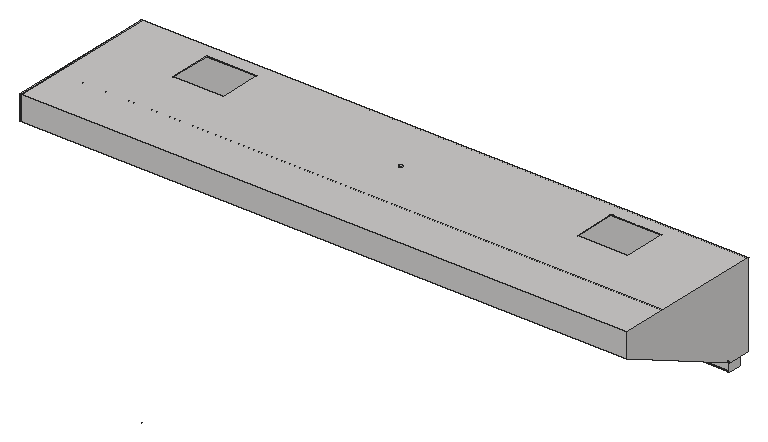
Revit family "QF_ELECTROLUXPROFESSIONAL_644189_AMPV936BT", category Attrezzature speciali, Revit 2021
Family settings
  Quota connettore circolare = Usa diametro
  Tipo di parte = Normale
  Basato su piano di lavoro = No
  Sempre verticale = Sì
  Taglio con vuoti quando caricato = No
  Condiviso = No
  Punto di calcolo locali = No
Parameters (values of type "Standard")
  Weight = 107.00 kg
  Watts = 840 W
  Volts = 220 V
  URL Manufacturer = "https://www.electroluxprofessional.com/"
  URL = "https://www.electroluxprofessional.com/"
  Steam Supply Size = 0 mm
  Steam Supply Minimum Pressure = 0.0 Pa
  Steam Supply Maximum Pressure = 0.0 Pa
  Steam Consumption per Hour = 0
  Refrigeration Suction Line Size = 0 mm
  Refrigeration Liquid Line Size = 0 mm
  Refrigerant Compressor Remote = yes
  Prospetto di default = 0 mm
  Produttore = "Electrolux Professional"
  Phase = 1
  Modello = "AMPV936BT"
  Length Actual = 3600 mm  # constant formula
  Item Number = "644189"
  Hot Water Size = 0 mm
  Height Actual = 500 mm  # constant formula
  HP = "1.1 HP"
  Gas Size = 0 mm
  Gas KW = 0
  Gas Input Pressure = 0 W
  Direct Waste Size = 0 mm
  Descrizione = "430 S/S WALL HOOD+FILTERS+FAN 3600X900MM"
  Depth Actual = 900 mm  # constant formula
  Cycle = 50 Hz
  Condensate Return Size = 0 mm
  Compressed Air Volume = 0.0 L/s
  Compressed Air Size = 0 mm
  Compressed Air Pressure = 0.0 Pa
  Cold Water Size = 0 mm
  Accessory = yes
Reference planes
  plane 1: z = 0
  plane 2 "Center (Left/Right)": x = 150
  plane 3 "LEFT": x = -1650
  plane 4 "RIGHT": x = 1950
  plane 5 "BACK": y = 550
  plane 6 "Plane": z = 2000
  plane 7 "TOP": z = 2140
  plane 8 "Base": z = 1640
  plane 9: z = 1566
  plane 10 "DrainY": y = 485
  plane 11: x = -1647
  plane 12: through (0, 414.509, 1640.8) normal (0, 0.7314, 0.682)
  plane 13: y = 470
  plane 14: y = 220
  plane 15 "DrainX": x = 1830
  plane 16: x = -900
  plane 17: x = 1200
  plane 18: x = -1200
  plane 19: x = 1500
  plane 20: x = 1947
  plane 21: x = 1740
  plane 22: x = 1920
  plane 23: x = -1610
  plane 24: x = -1245
  plane 25: x = -850
  plane 26: x = 1910
  plane 27: x = 1545
  plane 28: x = 1150
  plane 29: x = -47.5
  plane 30: x = 347.5
  plane 31: y = 100
  plane 32: y = -350
Forms (mm)
  Extrusion 1, solid, material "QF_Finishes_Stainless Steel"
    sketch origin (-1650, 0, 0) x (0, 1, 0) y (0, 0, 1)
      loop
        line (550, 1640) -> (550, 2140) -> (-350, 2140) -> (-350, 1999.112) -> (413.973, 1640) -> (550, 1640)
    from 0 to 3
  Extrusion 2, solid, material "QF_Finishes_Stainless Steel"
    sketch origin (150, 0, 0) x (0, 1, 0) y (0, 0, 1)
      loop
        line (415.255, 1640) -> (550, 1640) -> (550, 2139.19) -> (549.2, 2139.19) -> (549.2, 1640.8) -> (415.876, 1640.8) -> (339.347, 1722.867) -> (349.609, 1732.436) -> (348.927, 1733.167) -> (337.934, 1722.917) -> (415.255, 1640)
      loop
        line (-82.203, 2139.19) -> (-82.203, 2118.6) -> (-31.047, 2118.6) -> (34.354, 2048.466) -> (46.028, 2059.352) -> (45.346, 2060.083) -> (34.403, 2049.879) -> (-30.612, 2119.6) -> (-81.203, 2119.6) -> (-81.203, 2139.19) -> (-82.203, 2139.19)
    from -1797 to 1797
  Extrusion 3, solid, material "QF_Finishes_Stainless Steel"
    sketch origin (1950, 0, 0) x (0, 1, 0) y (0, 0, 1)
      loop
        line (550, 1640) -> (550, 2140) -> (-350, 2140) -> (-350, 1999.112) -> (413.973, 1640) -> (550, 1640)
    from 0 to -3
  Extrusion 4, solid, material "QF_Finishes_Stainless Steel"
    sketch origin (150, 0, 0) x (0, 1, 0) y (0, 0, 1)
      loop
        line (-350, 2140) -> (-350, 2000) -> (-349.2, 2000) -> (-349.2, 2139.19) -> (550, 2139.19) -> (550, 2140) -> (-350, 2140)
    from -1800 to 1800
  Extrusion 5, solid, material "QF_Finishes_Stainless Steel"
    sketch origin (150, 0, 0) x (0, 1, 0) y (0, 0, 1)
      loop
        line (534, 1640) -> (436, 1640) -> (436, 1627) -> (443.5, 1627) -> (443.5, 1576)
        arc (443.5, 1576) -> (446.429, 1568.929) -> (453.5, 1566) r 10
        line (453.5, 1566) -> (516.5, 1566)
        arc (516.5, 1566) -> (523.571, 1568.929) -> (526.5, 1576) r 10
        line (526.5, 1576) -> (526.5, 1627) -> (534, 1627) -> (534, 1640)
    from 1590 to 1770
  Extrusion 6, solid, material "QF_Finishes_Stainless Steel"
    sketch origin (0, 0, 1640) x (0, 1, 0) y (-1, 0, 0)
      loop
        circle (485, -1830) r 20
    from -76 to -74
  Extrusion 7, solid, material "QF_Finished_Chrome"
    sketch origin (150, 0, 0) x (0, 1, 0) y (0, 0, 1)
      loop
        line (337.934, 1722.917) -> (341.591, 1726.327) -> (38.011, 2051.876) -> (34.354, 2048.466) -> (337.934, 1722.917)
    from -1395 to -1760
  Extrusion 8, solid, material "QF_Finished_Chrome"
    sketch origin (150, 0, 0) x (0, 1, 0) y (0, 0, 1)
      loop
        line (337.934, 1722.917) -> (341.591, 1726.327) -> (38.011, 2051.876) -> (34.354, 2048.466) -> (337.934, 1722.917)
    from -197.5 to -1000
  Extrusion 9, solid, material "QF_Finishes_Stainless Steel"
    sketch origin (150, 0, 0) x (0, 1, 0) y (0, 0, 1)
      loop
        line (337.934, 1722.917) -> (341.591, 1726.327) -> (38.011, 2051.876) -> (34.354, 2048.466) -> (337.934, 1722.917)
    from 1797 to 1760
  Extrusion 10, solid, material "QF_Finishes_Stainless Steel"
    sketch origin (150, 0, 0) x (0, 1, 0) y (0, 0, 1)
      loop
        line (341.588, 1726.324) -> (38.009, 2051.874) -> (34.354, 2048.466) -> (337.934, 1722.917) -> (341.588, 1726.324)
    from -1395 to -1000
  Extrusion 11, solid, material "QF_Finished_Chrome"
    sketch origin (150, 0, 0) x (0, 1, 0) y (0, 0, 1)
      loop
        line (341.588, 1726.324) -> (38.009, 2051.874) -> (34.354, 2048.466) -> (337.934, 1722.917) -> (341.588, 1726.324)
    from 1395 to 1760
  Extrusion 12, void
    sketch origin (0, 0, 2140) x (0, 1, 0) y (-1, 0, 0)
      loop
        line (470, 1200) -> (220, 1200) -> (220, 900) -> (470, 900) -> (470, 1200)
    from 0 to -10
  Extrusion 13, void
    sketch origin (940, 0, 2140) x (0, 1, 0) y (-1, 0, 0)
      loop
        line (470, -260) -> (220, -260) -> (220, -560) -> (470, -560) -> (470, -260)
    from 0 to -10
  Extrusion 14, solid, material "QF_Finishes_Stainless Steel"
    sketch origin (0, 0, 0) x (1, 0, 0) y (0, 1, 0)
      loop
        line (-1650, 550) -> (-1650, 549) -> (-1649, 549) -> (-1649, 550) -> (-1650, 550)
    from 0 to 1
  Extrusion 15, solid, material "QF_Finishes_Stainless Steel"
    sketch origin (150, 0, 0) x (0, 1, 0) y (0, 0, 1)
      loop
        line (337.934, 1722.917) -> (341.591, 1726.327) -> (38.011, 2051.876) -> (34.354, 2048.466) -> (337.934, 1722.917)
    from -1760 to -1797
  Extrusion 16, solid, material "QF_Finishes_Stainless Steel"
    sketch origin (150, 0, 0) x (0, 1, 0) y (0, 0, -1)
      loop
        line (341.588, -1726.324) -> (337.934, -1722.917) -> (34.354, -2048.466) -> (38.009, -2051.874) -> (341.588, -1726.324)
    from -1395 to -1000
  Extrusion 17, solid, material "QF_Finished_Chrome"
    sketch origin (150, 0, 0) x (0, 1, 0) y (0, 0, 1)
      loop
        line (337.934, 1722.917) -> (341.591, 1726.327) -> (38.011, 2051.876) -> (34.354, 2048.466) -> (337.934, 1722.917)
    from 1000 to 197.5
  Extrusion 18, solid, material "QF_Finishes_Stainless Steel"
    sketch origin (150, 0, 0) x (0, 1, 0) y (0, 0, -1)
      loop
        line (341.588, -1726.324) -> (337.934, -1722.917) -> (34.354, -2048.466) -> (38.009, -2051.874) -> (341.588, -1726.324)
    from -197.5 to 197.5
  Extrusion 19, solid, material "QF_Finishes_Stainless Steel"
    sketch origin (0, 0, 2140) x (0, 1, 0) y (-1, 0, 0)
      loop
        circle (220, -150) r 10
    from 0 to 1.6
Cuts and joins
  Extrusion 12, Extrusion 13 cuts Extrusion 4
  joined: Extrusion 2, Extrusion 4
Lines and regions (mm)
  reference lines
    curve 1: line (150, 34.354, 2048.466) -> (150, 34.354, 1888.466)
  symbolic lines, style "SpecialityEquipment", detail levels coarse
    curve 2: line (1950, 550, 2140) -> (-1650, 550, 2140)
    curve 3: line (-1650, 550, 2140) -> (-1650, -350, 2140)
    curve 4: line (1950, -350, 2140) -> (1950, 550, 2140)
    curve 5: line (-1650, -350, 2140) -> (1950, -350, 2140)
    curve 6: line (-1200, 220, 2140) -> (-900, 220, 2140)
    curve 7: line (-1200, 470, 2140) -> (-1200, 220, 2140)
    curve 8: line (-900, 470, 2140) -> (-1200, 470, 2140)
    curve 9: line (-900, 220, 2140) -> (-900, 470, 2140)
    curve 10: line (1200, 470, 2140) -> (1200, 220, 2140)
    curve 11: line (1200, 220, 2140) -> (1500, 220, 2140)
    curve 12: line (1500, 470, 2140) -> (1200, 470, 2140)
    curve 13: line (1500, 220, 2140) -> (1500, 470, 2140)
  symbolic lines, detail levels coarse
    curve 14: line (-1650, -350, 0) -> (1950, 550, 0)
    curve 15: line (-1650, 550, 0) -> (1950, -350, 0)
Dimensions and locks
  plane 3 "LEFT" to plane 4 "RIGHT" = 3600 mm
  equal spacing: plane 3 "LEFT", plane 2 "Center (Left/Right)", plane 4 "RIGHT"
  locked: plane 6 "Plane" to level at 2000
  plane 7 "TOP" to plane 6 "Plane" = 140 mm
  locked: plane 7 "TOP" to plane 8 "Base" at 500
  plane 8 "Base" to plane 9 = 74 mm
  plane 5 "BACK" to plane 10 "DrainY" = 65 mm  (x2)
  plane 3 "LEFT" to plane 11 = 3 mm
  plane 5 "BACK" to plane 13 = 80 mm
  plane 13 to plane 14 = 250 mm  (x2)
  plane 15 "DrainX" to plane 4 "RIGHT" = 120 mm
  locked: plane 16 to plane 17 at 2100
  equal spacing: plane 16, plane 2 "Center (Left/Right)", plane 17
  plane 18 to plane 16 = 300 mm
  plane 17 to plane 19 = 300 mm
  plane 20 to plane 4 "RIGHT" = 3 mm
  locked: plane 21 to plane 15 "DrainX" at 90
  locked: plane 15 "DrainX" to plane 22 at 90
  plane 13 to plane 5 "BACK" = 80 mm
  locked: plane 3 "LEFT" to plane 23 at 40
  locked: plane 23 to plane 24 at 365
  locked: plane 24 to plane 25 at 395
  locked: plane 26 to plane 27 at 365
  locked: plane 27 to plane 28 at 395
  locked: plane 26 to plane 4 "RIGHT" at 40
  locked: plane 29 to plane 30 at 395
  equal spacing: plane 29, plane 2 "Center (Left/Right)", plane 30
  plane 25 to plane 29 = 802.5 mm
  plane 30 to plane 28 = 802.5 mm
  plane 5 "BACK" to plane 32 = 900 mm  (x2)
  equal spacing: plane 5 "BACK", plane 31, plane 32
  aligned and locked: level to plane 1
  aligned and locked: Extrusion 2 to Extrusion 1
  aligned and locked: Extrusion 2 to Extrusion 3
  aligned and locked: plane 4 "RIGHT" to Extrusion 4
  aligned and locked: Extrusion 4 to plane 3 "LEFT"
  aligned and locked: plane 20 to Extrusion 9
  aligned and locked: plane 18 to Extrusion 12
  aligned and locked: Extrusion 12 to plane 16
  aligned and locked: Extrusion 12 to plane 14
  aligned and locked: Extrusion 12 to plane 13
  aligned and locked: Extrusion 13 to plane 19
  aligned and locked: plane 17 to Extrusion 13
  aligned and locked: Extrusion 2 to Extrusion 4
  aligned and locked: plane 22 to Extrusion 5
  aligned and locked: Extrusion 5 to plane 21
  aligned and locked: Extrusion 9 to plane 26
  aligned and locked: Extrusion 11 to plane 26
  aligned and locked: Extrusion 11 to plane 27
  aligned and locked: Extrusion 8 to plane 25
  aligned and locked: plane 25 to Extrusion 10
  aligned and locked: Extrusion 10 to plane 24
  aligned and locked: plane 24 to Extrusion 7
  aligned and locked: Extrusion 7 to plane 23
  aligned and locked: Extrusion 15 to plane 11
  aligned and locked: plane 23 to Extrusion 15
  aligned and locked: Extrusion 16 to plane 28
  aligned and locked: Extrusion 16 to plane 27
  aligned and locked: Extrusion 3 to plane 20
  aligned and locked: plane 29 to Extrusion 8
  aligned and locked: Extrusion 17 to plane 28
  aligned and locked: Extrusion 17 to plane 30
  aligned and locked: plane 30 to Extrusion 18
  aligned and locked: Extrusion 18 to plane 29
Automatic sketch dimensions
  curve 5 to plane 3 "LEFT" = 0 mm
  curve 9 to plane 14 = 0 mm
  curve 10 to plane 14 = 0 mm
  plane 13 to curve 8 = 0 mm
  plane 13 to curve 12 = 0 mm
  curve 3 to plane 5 "BACK" = 0 mm
  curve 5 to plane 4 "RIGHT" = 0 mm
  curve 11 to plane 19 = 0 mm
  curve 10 to plane 17 = 0 mm
  curve 6 to plane 16 = 0 mm
  curve 6 to plane 18 = 0 mm
  Extrusion 2 sketch curve to plane 12 = 0 mm  (x3)
  Extrusion 2 sketch curve to plane 8 "Base" = 0 mm
  plane 12 to Extrusion 2 sketch curve = 0 mm
  Extrusion 2 sketch curve to plane 5 "BACK" = 0 mm
  Extrusion 2 sketch curve to Extrusion 2 sketch curve = 65.646 mm
  Extrusion 2 sketch curve to Extrusion 2 sketch curve = 0.682 mm  (x2)
  Extrusion 2 sketch curve to Extrusion 2 sketch curve = 10.261 mm
  plane 8 "Base" to Extrusion 2 sketch curve = 82.917 mm
  Extrusion 2 sketch curve to Extrusion 2 sketch curve = 10.942 mm
  Extrusion 2 sketch curve to Extrusion 2 sketch curve = 0.049 mm
  Extrusion 2 sketch curve to plane 7 "TOP" = 20.4 mm
  Extrusion 2 sketch curve to plane 7 "TOP" = 21.4 mm
  Extrusion 2 sketch curve to plane 7 "TOP" = 0.81 mm  (x2)
  Extrusion 2 sketch curve to Extrusion 2 sketch curve = 50.156 mm
  Extrusion 2 sketch curve to Extrusion 2 sketch curve = 1 mm
  plane 8 "Base" to Extrusion 2 sketch curve = 0.8 mm
  Extrusion 2 sketch curve to plane 5 "BACK" = 0.8 mm
  Extrusion 3 sketch curve to plane 8 "Base" = 0 mm
  Extrusion 3 sketch curve to plane 5 "BACK" = 0 mm
  Extrusion 3 sketch curve to plane 7 "TOP" = 0 mm
  plane 13 to Extrusion 3 sketch curve = 56.027 mm
  Extrusion 4 sketch curve to plane 6 "Plane" = 0 mm
  Extrusion 4 sketch curve to plane 5 "BACK" = 0 mm
  Extrusion 4 sketch curve to plane 7 "TOP" = 0 mm
  Extrusion 4 sketch curve to plane 7 "TOP" = 0.81 mm
  curve 1 to plane 12 = 0 mm
  curve 1 to plane 6 "Plane" = 111.534 mm
  Extrusion 5 sketch curve to plane 8 "Base" = 0 mm
  Extrusion 5 sketch curve to plane 9 = 0 mm
  Extrusion 5 sketch curve to plane 8 "Base" = 13 mm  (x2)
  plane 13 to Extrusion 5 sketch curve = 34 mm
  Extrusion 5 sketch curve to Extrusion 5 sketch curve = 7.5 mm  (x2)
  Extrusion 5 sketch curve to Extrusion 5 sketch curve = 10 mm
  plane 10 "DrainY" to Extrusion 5 sketch curve = 31.5 mm
  Extrusion 5 sketch curve to plane 5 "BACK" = 23.5 mm
  Extrusion 6 sketch curve to plane 10 "DrainY" = 0 mm
  Extrusion 6 sketch curve to plane 15 "DrainX" = 0 mm
  Extrusion 7 sketch curve to plane 12 = 0 mm  (x2)
  Extrusion 7 sketch curve to Extrusion 7 sketch curve = 3.657 mm
  plane 8 "Base" to Extrusion 7 sketch curve = 82.917 mm
  Extrusion 8 sketch curve to plane 12 = 0 mm  (x2)
  Extrusion 8 sketch curve to Extrusion 8 sketch curve = 3.657 mm
  plane 8 "Base" to Extrusion 8 sketch curve = 82.917 mm
  Extrusion 9 sketch curve to plane 12 = 0 mm  (x2)
  Extrusion 9 sketch curve to Extrusion 9 sketch curve = 3.657 mm
  plane 8 "Base" to Extrusion 9 sketch curve = 82.917 mm
  Extrusion 10 sketch curve to plane 12 = 0 mm  (x2)
  Extrusion 10 sketch curve to Extrusion 10 sketch curve = 3.655 mm
  plane 8 "Base" to Extrusion 10 sketch curve = 82.917 mm
  Extrusion 11 sketch curve to plane 12 = 0 mm  (x2)
  Extrusion 11 sketch curve to Extrusion 11 sketch curve = 3.655 mm
  plane 8 "Base" to Extrusion 11 sketch curve = 82.917 mm
  Extrusion 12 sketch curve to plane 14 = 0 mm
  plane 13 to Extrusion 12 sketch curve = 0 mm
  Extrusion 12 sketch curve to plane 16 = 0 mm
  Extrusion 12 sketch curve to plane 18 = 0 mm
  Extrusion 13 sketch curve to plane 14 = 0 mm
  plane 13 to Extrusion 13 sketch curve = 0 mm
  Extrusion 13 sketch curve to plane 19 = 0 mm
  Extrusion 13 sketch curve to plane 17 = 0 mm
  Extrusion 14 sketch curve to plane 3 "LEFT" = 0 mm
  Extrusion 14 sketch curve to plane 5 "BACK" = 0 mm
  plane 3 "LEFT" to Extrusion 14 sketch curve = 1 mm
  Extrusion 14 sketch curve to Extrusion 14 sketch curve = 1 mm
  Extrusion 15 sketch curve to plane 12 = 0 mm  (x2)
  Extrusion 15 sketch curve to Extrusion 15 sketch curve = 3.657 mm
  plane 8 "Base" to Extrusion 15 sketch curve = 82.917 mm
  Extrusion 16 sketch curve to plane 12 = 0 mm  (x2)
  Extrusion 16 sketch curve to Extrusion 16 sketch curve = 3.655 mm
  plane 8 "Base" to Extrusion 16 sketch curve = 82.917 mm
  Extrusion 17 sketch curve to plane 12 = 0 mm  (x2)
  Extrusion 17 sketch curve to Extrusion 17 sketch curve = 3.657 mm
  plane 8 "Base" to Extrusion 17 sketch curve = 82.917 mm
  Extrusion 18 sketch curve to plane 12 = 0 mm  (x2)
  Extrusion 18 sketch curve to Extrusion 18 sketch curve = 3.655 mm
  plane 8 "Base" to Extrusion 18 sketch curve = 82.917 mm
  Extrusion 4 sketch curve to Extrusion 4 sketch curve = 0.8 mm
  curve 5 to plane 14 = 570 mm
  plane 6 "Plane" to Extrusion 2 sketch curve = 48.466 mm
  Extrusion 4 sketch curve to plane 14 = 569.2 mm
  curve 1 to plane 14 = 185.646 mm
  plane 6 "Plane" to Extrusion 7 sketch curve = 51.876 mm
  plane 6 "Plane" to Extrusion 8 sketch curve = 51.876 mm
  plane 6 "Plane" to Extrusion 9 sketch curve = 51.876 mm
  plane 6 "Plane" to Extrusion 10 sketch curve = 51.874 mm
  plane 6 "Plane" to Extrusion 11 sketch curve = 51.874 mm
  plane 6 "Plane" to Extrusion 15 sketch curve = 51.876 mm
  plane 6 "Plane" to Extrusion 16 sketch curve = 51.874 mm
  plane 6 "Plane" to Extrusion 17 sketch curve = 51.876 mm
  plane 6 "Plane" to Extrusion 18 sketch curve = 51.874 mm
  Extrusion 1 sketch curve to plane 32 = 0 mm
  Extrusion 1 sketch curve to plane 8 "Base" = 0 mm
  Extrusion 1 sketch curve to plane 5 "BACK" = 0 mm
  Extrusion 1 sketch curve to plane 7 "TOP" = 0 mm
  plane 13 to Extrusion 1 sketch curve = 56.027 mm
  Extrusion 1 sketch curve to plane 6 "Plane" = 0.888 mm
  Extrusion 3 sketch curve to plane 32 = 0 mm
  Extrusion 3 sketch curve to plane 6 "Plane" = 0.888 mm
  curve 15 to plane 3 "LEFT" = 0 mm
  curve 14 to plane 3 "LEFT" = 0 mm
  curve 15 to plane 4 "RIGHT" = 0 mm
  curve 14 to plane 4 "RIGHT" = 0 mm
  curve 15 to plane 32 = 0 mm
  curve 14 to plane 32 = 0 mm
  curve 15 to plane 5 "BACK" = 0 mm
  curve 14 to plane 5 "BACK" = 0 mm
  Extrusion 19 sketch curve to plane 2 "Center (Left/Right)" = 0 mm
  Extrusion 19 sketch curve to plane 14 = 0 mm
  radius of Extrusion 6 sketch curve = 20 mm
  radius of Extrusion 19 sketch curve = 10 mm
Connectors
  piping at (1830, 485, 1564), diameter 20
    settings: on Extrusion 6, index 1, connector inside diameter 609.6 mm, connector length 0 mm, flow factor 0, pipe flow 0.0 L/s, pressure drop 0.0 Pa, fitting loss kfactor 0, connector angle 0.00°, fixture units 0, engagement length 0 mm, angle of deflection 0.00°, flow configuration 1, flow direction 2, fitting loss method 0, system type 16, joint type 0, gender type 0, connector reference index -1, connector utility 0, adjustable connector no, is connector primary yes, connector description "Drain"
  hvac at (-1050, 345, 2140)
    settings: on Extrusion 12, index 2, duct flow 0.0 L/s, flow factor 0, pres drop 0.0 Pa, loss coef 0, conn angle 0.00°, conn width 250 mm, conn height 300 mm, conn diameter 609.6 mm, duct sys type 3, conn prof type 1, flow config 1, flow direction 2, loss method 0, conn ref index -1, conn util no, is conn primary yes, conn desc "EXHAUST OUTLET"
  hvac at (1350, 345, 2140)
    settings: on Extrusion 13, index 3, duct flow 0.0 L/s, flow factor 0, pres drop 0.0 Pa, loss coef 0, conn angle 0.00°, conn width 250 mm, conn height 300 mm, conn diameter 609.6 mm, duct sys type 3, conn prof type 1, flow config 1, flow direction 2, loss method 0, conn ref index -1, conn util no, is conn primary no, conn desc "EXHAUST OUTLET"
  electrical at (150, 220, 2141.6), driven by "Volts"
    settings: on Extrusion 19, index 4, voltage 220 V, apparent load 0 VA, apparent load phase1 0 VA, apparent load phase2 0 VA, apparent load phase3 0 VA, power factor 1, load classification "Other", number of poles 1, system type 30, power factor state 1, is connector primary yes, connector utility no, sub classification motor no, connector description "Electrical Connection"
